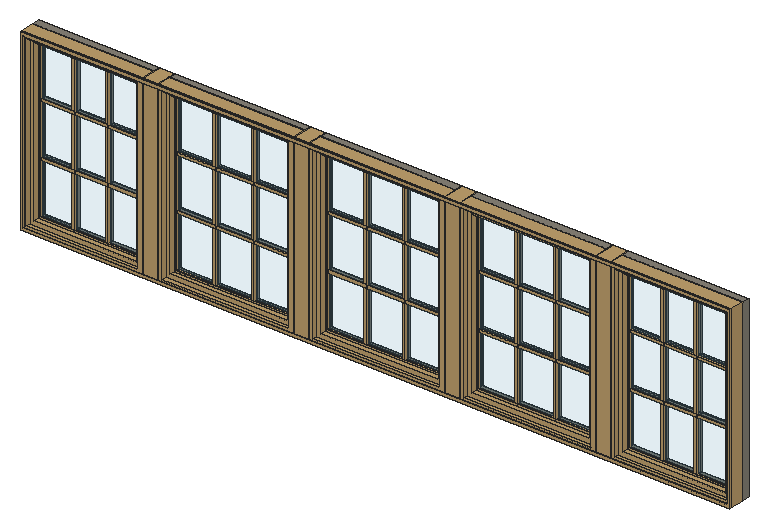
Revit family (continued)
Definition of nested family "Plan_Detail"
  Definition of nested family "Jamb_Detail"
    Reference planes (in)
      plane 2: z = 0
      plane 3 "Center (Left/Right)": x = 0
    Lines and regions (in)
      detail lines, style "Cut Lines", in view "Ref. Level"
        curve 1: line (0, 4.56199, 0) -> (1.188, 4.56199, 0)
        curve 2: line (0, -1.09401, 0) -> (0, 4.56199, 0)
        curve 3: line (1.188, 4.56199, 0) -> (1.188, 0.76198, 0)
        curve 4: line (0.52105, -1.09401, 0) -> (0, -1.09401, 0)
        curve 5: line (0.637, 0.56409, 0) -> (0.52105, -1.09401, 0)
        curve 6: line (0.637, 0.56409, 0) -> (0.637, 1.98699, 0)
        curve 7: line (1.188, 3.46342, 0) -> (2.115, 3.46342, 0)
        curve 8: line (2.115, 3.46342, 0) -> (2.115, 2.86577, 0)
        curve 9: line (2.30184, 2.86577, 0) -> (2.30184, 2.34399, 0)
        curve 10: line (2.489, 2.34399, 0) -> (2.489, 1.98699, 0)
        curve 11: line (2.115, 2.86577, 0) -> (2.30184, 2.86577, 0)
        curve 12: line (0.805, 0.76198, 0) -> (1.188, 0.76198, 0)
        curve 13: line (0.805, 0.36599, 0) -> (0.805, 0.76198, 0)
        curve 14: line (2.696, 0.36599, 0) -> (0.805, 0.36599, 0)
        curve 15: line (2.696, 0.4846, 0) -> (2.696, 0.36599, 0)
        curve 16: line (2.896, 0.6846, 0) -> (2.696, 0.4846, 0)
        curve 17: line (2.208, 0.71396, 0) -> (2.896, 0.71396, 0)
        curve 18: line (2.208, 1.50299, 0) -> (2.208, 0.71396, 0)
        curve 19: line (2.896, 1.50299, 0) -> (2.208, 1.50299, 0)
        curve 20: line (2.896, 1.67399, 0) -> (2.896, 1.50299, 0)
        curve 21: line (2.677, 1.98699, 0) -> (2.677, 1.89299, 0)
        curve 22: line (0.637, 1.98699, 0) -> (2.677, 1.98699, 0)
        curve 23: line (2.896, 0.71396, 0) -> (2.896, 0.6846, 0)
        curve 24: line (2.677, 1.89299, 0) -> (2.896, 1.67399, 0)
        curve 25: line (2.489, 2.34399, 0) -> (2.30184, 2.34399, 0)
        curve 26: line (2.353, 1.38075, 0) -> (2.353, 1.49875, 0)
        curve 27: line (2.478, 0.86675, 0) -> (2.478, 1.38075, 0)
        curve 28: line (2.728, 0.87375, 0) -> (2.728, 1.37375, 0)
        curve 29: line (2.353, 0.74875, 0) -> (2.353, 0.86675, 0)
